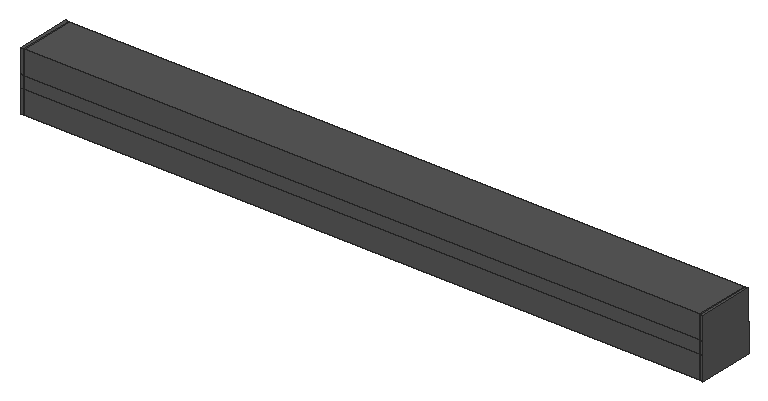
Revit family "EOS4.0-W-I", category Lighting Fixtures, host Face, Revit 2018
Family settings
  Host = Face
  Round Connector Dimension = Use Diameter
  Part Type = Normal
  Cut with Voids When Loaded = No
  Light Source = Yes
  Shared = Yes
  Room Calculation Point = Yes
Parameters (values of type "4' Indirect")
  Wattage = 17.6471 W
  built-in parameter 1150110 = 1 (stored number, unit not read)
  Voltage = 0 V
  built-in parameter 1114217 = 1 (stored number, unit not read)
  built-in parameter 1150109 = 1 (stored number, unit not read)
  built-in parameter 1150134 = 12
  Switch Leg Visibility = yes
  Switch Leg [instance] = ""
  built-in parameter 1150113 = 1 (stored number, unit not read)
  Material [instance] = LUX ILLUMINAIRE Black
  built-in parameter 1150105 = 477.46 (stored number, unit not read)
  Lumens = 1500 lm
  built-in parameter 1150115 = 1 (stored number, unit not read)
  Light Source Symbol Size = 2' - 0"
  built-in parameter 1150137 = (empty or 0)
  built-in parameter 1150139 = (empty or 0)
  built-in parameter 1150112 = 1 (stored number, unit not read)
  built-in parameter 1150114 = 1 (stored number, unit not read)
  Lamp = "LED"
  built-in parameter 1150132 = 2
  built-in parameter 1150102 = (empty or 0)
  built-in parameter 1150107 = 4000 (stored number, unit not read)
  built-in parameter 1150138 = (empty or 0)
  built-in parameter 1150106 = 4.7746 (stored number, unit not read)
  Fixture Width = 0' - 4 3/16"
  Fixture Symbol Visiblity = yes
  Fixture Length = 3' - 11.99997"
  Emit from Rectangle Width = Fixture Width - 0' 0" - 0' 0 1/2"  # 0' - 3 11/16"
  Emit from Rectangle Length = Fixture Length - 0' 0" - 0' 0 1/2"  # 3' - 11.49997"
  Emit Shape Visible in Rendering = yes
  Emergency Lighting [instance] = no
  built-in parameter 1150104 = 7.8968 (stored number, unit not read)
  Dimming Lamp Color Temperature Shift = <None>
  Default Elevation = 7' - 0"
  Color Filter = 16777215
  built-in parameter 1140040 [instance] = 1
  built-in parameter 1114218 = 1 (stored number, unit not read)
  built-in parameter 1150133 = 10 (stored number, unit not read)
  Apparent Load = 13.6 VA
Types (7): name | Wattage | Voltage | built-in parameter 1150105 | Lumens | built-in parameter 1150106 | Fixture Length | Emit from Rectangle Length | Apparent Load
  2' Indirect | 8.82353 W | 120 V | 238.73 (stored number, unit not read) | 750 lm | 2.3873 (stored number, unit not read) | 2' - 0" | 1' - 11 1/2" | 6.8 VA
  3' Indirect | 13.2353 W | 0 V | 358.1 (stored number, unit not read) | 1125 lm | 3.581 (stored number, unit not read) | 3' - 0" | 2' - 11 1/2" | 10.2 VA
  4' Indirect | 17.6471 W | 0 V | 477.46 (stored number, unit not read) | 1500 lm | 4.7746 (stored number, unit not read) | 3' - 11.99997" | 3' - 11.49997" | 13.6 VA
  5' Indirect | 22.0588 W | 0 V | 596.83 (stored number, unit not read) | 1875 lm | 5.9683 (stored number, unit not read) | 5' - 0" | 4' - 11 1/2" | 17 VA
  6' Indirect | 26.4706 W | 0 V | 716.2 (stored number, unit not read) | 2250 lm | 7.162 (stored number, unit not read) | 6' - 0" | 5' - 11 1/2" | 20.4 VA
  7' Indirect | 30.8824 W | 0 V | 835.56 (stored number, unit not read) | 2625 lm | 8.3556 (stored number, unit not read) | 7' - 0" | 6' - 11 1/2" | 23.8 VA
  8' Indirect | 35.2941 W | 0 V | 954.93 (stored number, unit not read) | 3000 lm | 9.5493 (stored number, unit not read) | 8' - 0" | 7' - 11 1/2" | 27.2 VA
Reference planes (in)
  plane 1 "Center (Front/Back)": y = 0
  plane 2: z = 0
  plane 3 "Center (Left/Right)": x = 0
  plane 4: x = 23.99999
  plane 5: x = -23.99999
  plane 6: z = 1
  plane 7: x = 24.24933
  plane 8: x = -24.24999
Forms (in)
  Extrusion 1, solid, material "LUX ILLUMINAIRE Black" <- "Material"
    sketch origin (0.0005, -20.08066, 2.09616) x (0.000014, 0, -1) y (0, 1, 0)
      loop
        line (-2.094, 20.08053) -> (-0.437, 20.08053) -> (0.438, 20.08053) -> (2.09501, 20.08053) -> (2.09501, 24.09501) -> (2.01002, 24.09501) -> (2.01002, 23.982) -> (1.85803, 23.99997) -> (-1.85745, 23.99997) -> (-2.00901, 23.982) -> (-2.00901, 24.09501) -> (-2.094, 24.09501) -> (-2.094, 20.08053)
    from -24.00052 to 23.99948
  Extrusion 2, solid, material "LUX ILLUMINAIRE Black" <- "Material"
    sketch origin (0.0005, -20.08066, 2.09616) x (0.000014, 0, -1) y (0, 1, 0)
      loop
        line (-2.094, 24.09501) -> (-2.094, 20.08053) -> (-0.437, 20.08053) -> (0.438, 20.08053) -> (2.09501, 20.08053) -> (2.09501, 24.09501) -> (-2.094, 24.09501)
    from 23.99945 to 24.24883
  Extrusion 3, solid, not visible
    sketch origin (0, 0, 0) x (1, 0, 0) y (0, 1, 0)
      loop
        circle (0.00029, -24) r 0.1875
    from 0 to 1
  Extrusion 4, solid, not visible
    sketch origin (0, 0, 0) x (1, 0, 0) y (0, 1, 0)
      loop
        circle (0.0005, -24) r 0.03125
    from 1 to 13.33203
  Extrusion 5, solid, not visible
    sketch origin (0, 0, 0) x (1, 0, 0) y (0, 1, 0)
      loop
        circle (0.0005, -24) r 0.18729
    from 13.33203 to 14.08203
  Extrusion 6, solid, material "LUX ILLUMINAIRE Black" <- "Material"
    sketch origin (-23.9995, -20.08066, 2.09526) x (0.000014, 0, -1) y (0, -1, 0)
      loop
        line (-2.09431, -24.09501) -> (2.09319, -24.09501) -> (2.09319, -20.08053) -> (0.438, -20.08053) -> (-0.437, -20.08053) -> (-2.09431, -20.08053) -> (-2.09431, -24.09501)
    from 0.00049 to 0.25052
Lines and regions (in)
  symbolic lines, visible <- "Fixture Symbol Visiblity"
    curve 1: line (23.99999, 0, 4.19671) -> (-23.99999, 0, 4.19671)
    curve 2: line (23.99999, 0, 0.09334) -> (23.99999, 0, 4.19671)
    curve 3: line (-23.99999, 0, 0.09334) -> (23.99999, 0, 0.09334)
    curve 4: line (-23.99999, 0, 4.19671) -> (-23.99999, 0, 0.09334)
Dimensions and locks (in)
  plane 5 to plane 4 = 3' - 11.99997"
  plane 4 to plane 5 = 3' - 11.99997"
  equal spacing: plane 4, plane 3 "Center (Left/Right)", plane 5
  "Fixture Length": plane 4 to plane 5
  plane 7 to plane 4 = 0' - 0.24935"
  plane 5 to plane 8 = 0' - 0 1/4"
  aligned and locked: plane 2 to host face
  aligned and locked: level to host face
  aligned and locked: plane 7 to Extrusion 2
  aligned and locked: Extrusion 2 to plane 4
  aligned and locked: plane 4 to Extrusion 1
  aligned and locked: Extrusion 6 to plane 8
  aligned and locked: plane 5 to Extrusion 6
  aligned and locked: Extrusion 1 to plane 5
  aligned and locked: plane 5 to curve 4
  aligned and locked: curve 2 to plane 4
  aligned and locked: plane 4 to nested 1
  aligned and locked: nested 1 to plane 5
Automatic sketch dimensions
  level to curve 3 = 0' - 0.09334"
  plane 6 to curve 2 = 0' - 3.19671"
  host sketch curve to host sketch curve = 8' - 0"  (x2)
  plane 1 "Center (Front/Back)" to Extrusion 1 sketch curve = 0' - 0.00012"
  Extrusion 1 sketch curve to Extrusion 1 sketch curve = 0' - 0.08499"  (x2)
  Extrusion 1 sketch curve to Extrusion 1 sketch curve = 0' - 0.15157"
  Extrusion 1 sketch curve to Extrusion 1 sketch curve = 0' - 1.65701"
  Extrusion 1 sketch curve to Extrusion 1 sketch curve = 0' - 0 7/8"
  Extrusion 1 sketch curve to plane 1 "Center (Front/Back)" = 0' - 3.91932"
  Extrusion 1 sketch curve to Extrusion 1 sketch curve = 0' - 3.71548"
  Extrusion 1 sketch curve to Extrusion 1 sketch curve = 0' - 0.15199"
  Extrusion 1 sketch curve to Extrusion 1 sketch curve = 0' - 0.01797"  (x2)
  Extrusion 1 sketch curve to Extrusion 1 sketch curve = 0' - 0.113"  (x2)
  plane 1 "Center (Front/Back)" to Extrusion 2 sketch curve = 0' - 0.00012"
  Extrusion 2 sketch curve to Extrusion 2 sketch curve = 0' - 1.65701"
  Extrusion 2 sketch curve to Extrusion 2 sketch curve = 0' - 0 7/8"
  Extrusion 2 sketch curve to plane 1 "Center (Front/Back)" = 0' - 4.01435"
  Extrusion 2 sketch curve to Extrusion 2 sketch curve = 0' - 4.18902"
  plane 1 "Center (Front/Back)" to Extrusion 6 sketch curve = 0' - 0.00012"
  Extrusion 6 sketch curve to Extrusion 6 sketch curve = 0' - 1.65731"
  Extrusion 6 sketch curve to Extrusion 6 sketch curve = 0' - 0 7/8"
  Extrusion 6 sketch curve to plane 1 "Center (Front/Back)" = 0' - 4.01435"
  Extrusion 6 sketch curve to Extrusion 6 sketch curve = 0' - 4 3/16"
  radius of Extrusion 3 sketch curve = 0' - 0 3/16"
  radius of Extrusion 4 sketch curve = 0' - 0 1/32"
  radius of Extrusion 5 sketch curve = 0' - 0.18729"
Nested families (in)
  nested 1: "Emergency Symbol Rectangle" at (0.00001, 0, -9.6721) x (-1, 0, 0) z (0, -1, 0), visible <- "Emergency Lighting", type "Emergency Symbol Rectangle"
    with Width 1' - 0.23826", Length 3' - 11.99997"
Connectors (in)
  electrical at (-0.00003, -0.00012, 3.36166), driven by "Apparent Load", driven by "Voltage"
    settings: on Extrusion 1, index 1, voltage 0 V, apparent load 0 VA, apparent load phase1 13.6 VA, apparent load phase2 0 VA, apparent load phase3 0 VA, power factor 1, load classification "Other", number of poles 1, system type 31, power factor state 1, is connector primary yes, connector utility no, sub classification motor no, connector description ""
Definition of nested family "Emergency Symbol Rectangle"
  Parameters (values of type "Emergency Symbol Rectangle")
    Width [instance] = 0' - 8 1/2"
    Length [instance] = 5' - 0"
    Emergency Visibility = no
  Reference planes (in)
    plane 1 "Center (Front/Back)": y = -7.75
    plane 2: z = 0
    plane 3 "Center (Left/Right)": x = -24
    plane 4: x = 24
    plane 5: x = -36
    plane 6: y = -3.5
    plane 7: y = -12
  Lines and regions (in)
    Filled region 1, type "Solid Fill - Black", in view "Ref. Level", detail levels coarse+medium
      outline origin (0, 0.25, 0) x (1, 0, 0) y (0, 1, 0)
        loop
          line (-36, -12.25) -> (24, -12.25) -> (-36, -10.125) -> (-36, -12.25)
  Dimensions and locks (in)
    equal spacing: plane 7, plane 1 "Center (Front/Back)", plane 6
    "Width": plane 7 to plane 6
    "Length": plane 5 to plane 4
    aligned and locked: plane 5 to Filled region 1
  Automatic sketch dimensions
    plane 1 "Center (Front/Back)" to Filled region 1 sketch curve = 0' - 2 1/8"
    Filled region 1 sketch curve to plane 3 "Center (Left/Right)" = 1' - 0"
    Filled region 1 sketch curve to plane 4 = 0' - 0"
    Filled region 1 sketch curve to plane 7 = 0' - 0"
